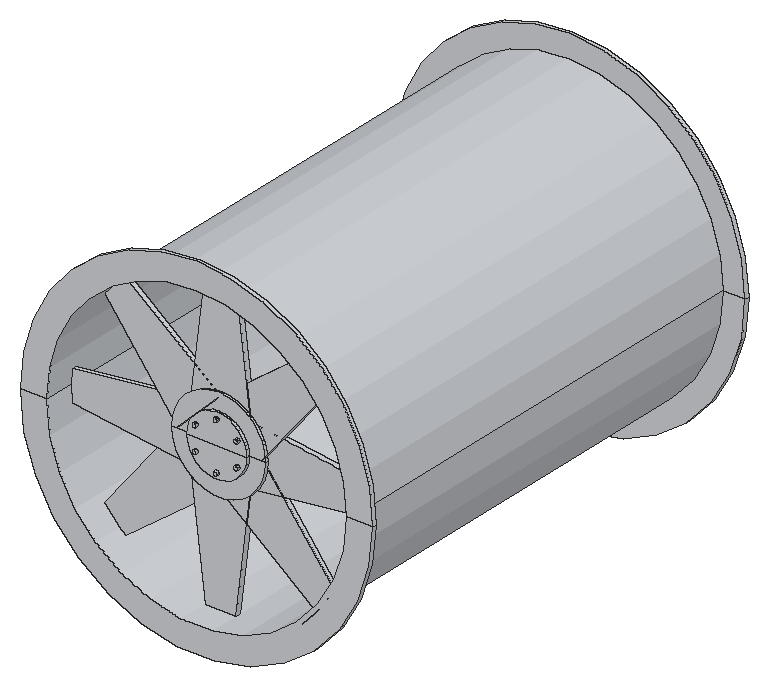
Revit family "CADS_Vent-Axia_MechEquip_Fan_BIFA_400_1Ph2P - SUPPLY", category Mechanical Equipment, Revit 2020
Family settings
  Round Connector Dimension = Use Diameter
  Part Type = Normal
  OmniClass Number = 23.75.00.00
  OmniClass Title = Climate Control (HVAC)
  Work Plane-Based = No
  Always vertical = Yes
  Cut with Voids When Loaded = No
  Shared = No
  Room Calculation Point = No
Parameters (values of type "BIFA401232")
  WorkingPressure = 0.0 Pa
  WarrantyStartDate [instance] = "1900-12-31T23:59:59"
  WarrantyPeriod = ""
  WarrantyIdentifier = "N/A"
  WarrantyGuarantorParts = "tech@vent-axia.com"
  WarrantyGuarantorLabor = "tech@vent-axia.com"
  WarrantyGuarantor = "Vent-Axia Limited"
  WarrantyEndDate [instance] = "1900-12-31T23:59:59"
  WarrantyContent = ""
  TemperatureRange = ""
  TagNumber [instance] = "N/A"
  SustainabilityPerformance = ""
  Status = "New"
  Size = ""
  Shape = ""
  ServiceLifeType = ""
  ServiceLifeDuration = ""
  SerialNumber [instance] = "N/A"
  ReplacementCost = ""
  RatedVoltage = 0 V
  RatedCurrent = 0 A
  Quantity = 1
  ProductionYear = ""
  PressureCurve = ""
  PowerFactor = ""
  PointOfContact = ""
  NumberOfPoles = 0
  NominalWidth = 400 mm
  NominalLength = 625 mm
  NominalHeight = 400 mm
  NominalFrequencyRange = ""
  NominalDiameter = 400 mm
  ModelReference = "BIF 400MM 1PH 2P 32DEG"
  ModelNumber = "BIFA401232"
  Material = ""
  ManufacturerE-Mail = "tech@vent-axia.com"
  ManufacturerAddress = "Fleming Way\nCrawley \nRH10 9YX"
  IsExtendedWarranty = no
  InsulationStandardClass = ""
  InstallationDate [instance] = "1900-12-31T23:59:59"
  IfcExportType [instance] = ""
  IfcExportAs = "IfcFanType"
  IP_Code = ""
  HasProtectiveEarth = no
  GrossWeight = 0.00 kg
  Grade = ""
  GlobalTradeItemNumber [instance] = "N/A"
  Fitting Type = "Ignore"
  Finish = ""
  Features = ""
  ExteriorInsulation = no
  ExpectedServiceLife = 0
  Exclusions = ""
  DurationUnit = "Year"
  Default Elevation = 0 mm
  Constituents = ""
  ConductorFunction = ""
  Color = ""
  CodePerformance = ""
  Category = ""
  CADS_Usage = 0
  CADS_Index = 0
  AssetType = "FIXED"
  AssetIdentifier [instance] = "N/A"
  AssemblyPlace = "UNKNOWN"
  ArticleNumber [instance] = "N/A"
  AirflowRateRange = 0.0 L/s
  Air Flow [instance] = 0.0 L/s
  AccessibilityPerformance = ""
Types (11, lengths in mm): name | ModelReference | ModelNumber
  BIFA401210 | "BIF 400MM 1PH 2P 10DEG" | "BIFA401210"
  BIFA401212 | "BIF 400MM 1PH 2P 12DEG" | "BIFA401212"
  BIFA401214 | "BIF 400MM 1PH 2P 14DEG" | "BIFA401214"
  BIFA401216 | "BIF 400MM 1PH 2P 16DEG" | "BIFA401216"
  BIFA401218 | "BIF 400MM 1PH 2P 18DEG" | "BIFA401218"
  BIFA401220 | "BIF 400MM 1PH 2P 20DEG" | "BIFA401220"
  BIFA401224 | "BIF 400MM 1PH 2P 24DEG" | "BIFA401224"
  BIFA401226 | "BIF 400MM 1PH 2P 26DEG" | "BIFA401226"
  BIFA401228 | "BIF 400MM 1PH 2P 28DEG" | "BIFA401228"
  BIFA401230 | "BIF 400MM 1PH 2P 30DEG" | "BIFA401230"
  BIFA401232 | "BIF 400MM 1PH 2P 32DEG" | "BIFA401232"
Reference planes
  plane 1 "Center (Front/Back)": y = 0
  plane 2: z = 0
  plane 3 "Center (Left/Right)": x = 0
  plane 4: x = -200
  plane 5: x = 200
  plane 6 "F": y = -312.5
  plane 7 "B": y = 312.5
  plane 8: x = -235
  plane 9: y = 307.5
  plane 10: y = -307.5
  plane 11: x = -205
  plane 12: y = -272.5
Forms (mm)
  Revolve 1, solid
    sketch origin (0, 0, 0) x (1, 0, 0) y (0, 1, 0)
      loop
        line (-235, -312.5) -> (-200, -312.5) -> (-200, 312.5) -> (-235, 312.5) -> (-235, 307.5) -> (-205, 307.5) -> (-205, -307.5) -> (-235, -307.5) -> (-235, -312.5)
      axis (0, 312.5) -> (0, -312.5)
    angle from 0 to 360
Dimensions and locks
  equal spacing: plane 4, plane 3 "Center (Left/Right)", plane 5
  equal spacing: plane 7 "B", plane 1 "Center (Front/Back)", plane 6 "F"
  "NominalLength": plane 7 "B" to plane 6 "F"
  "NominalDiameter": plane 4 to plane 5
  locked: plane 11 to plane 4 at 5
  locked: plane 8 to plane 11 at 30
  locked: plane 6 "F" to plane 10 at 5
  locked: plane 7 "B" to plane 9 at 5
  locked: plane 6 "F" to plane 12 at 40
  aligned and locked: level to plane 2
  aligned and locked: nested 1 to plane 12
Automatic sketch dimensions
  plane 6 "F" to Revolve 1 sketch curve = 0 mm
  Revolve 1 sketch curve to plane 8 = 0 mm  (x2)
  plane 10 to Revolve 1 sketch curve = 0 mm
  Revolve 1 sketch curve to plane 11 = 0 mm
  Revolve 1 sketch curve to plane 4 = 0 mm
  Revolve 1 sketch curve to plane 3 "Center (Left/Right)" = 0 mm
  plane 1 "Center (Front/Back)" to Revolve 1 sketch curve = 0 mm
  Revolve 1 sketch curve to plane 9 = 0 mm
  Revolve 1 sketch curve to plane 7 "B" = 0 mm
  plane 6 "F" to Revolve 1 sketch curve = 115 mm
Nested families
  nested 1: "Fan for BIFA" at (0, -272.5, 0), ND <- "NominalDiameter", type "Fan for BIFA"
    with hub 40 mm, ND 400 mm, BoltPCD 32 mm, Bolt Count 6, B_Diam 5 mm
  nested 2: "Bolts" at (27.713, -281.672, -16) x (-0.5, 0, -0.866) z (0, 1, 0), type "Bolts"
    with bd 5 mm
  nested 3: "Bolts" at (0, -281.672, -32) x (-1, 0, 0) z (0, 1, 0), type "Bolts"
    with bd 5 mm
  nested 4: "Bolts" at (-27.713, -281.672, -16) x (-0.5, 0, 0.866) z (0, 1, 0), type "Bolts"
    with bd 5 mm
  nested 5: "Bolts" at (-27.713, -281.672, 16) x (0.5, 0, 0.866) z (0, 1, 0), type "Bolts"
    with bd 5 mm
  nested 6: "Bolts" at (27.713, -281.672, 16) x (0.5, 0, -0.866) z (0, 1, 0), type "Bolts"
    with bd 5 mm
  nested 7: "Bolts" at (0, -281.672, 32) x (1, 0, 0) z (0, 1, 0), type "Bolts"
    with bd 5 mm
  nested 8: "BIFA Blade" at (0, -272.5, 0), type "BIFA Blade"
    with a 20.00°, HR 40 mm, HD 80 mm, BT 40 mm, BR 160 mm, BH 40 mm, BD 400 mm, BB 80 mm
  nested 9: "BIFA Blade" at (0, -272.5, 0) x (0.7071, 0, -0.7071) z (0.7071, 0, 0.7071), type "BIFA Blade"
    with a 20.00°, HR 40 mm, HD 80 mm, BT 40 mm, BR 160 mm, BH 40 mm, BD 400 mm, BB 80 mm
  nested 10: "BIFA Blade" at (0, -272.5, 0) x (0, 0, -1) z (1, 0, 0), type "BIFA Blade"
    with a 20.00°, HR 40 mm, HD 80 mm, BT 40 mm, BR 160 mm, BH 40 mm, BD 400 mm, BB 80 mm
  nested 11: "BIFA Blade" at (0, -272.5, 0) x (-0.7071, 0, -0.7071) z (0.7071, 0, -0.7071), type "BIFA Blade"
    with a 20.00°, HR 40 mm, HD 80 mm, BT 40 mm, BR 160 mm, BH 40 mm, BD 400 mm, BB 80 mm
  nested 12: "BIFA Blade" at (0, -272.5, 0) x (-1, 0, 0) z (0, 0, -1), type "BIFA Blade"
    with a 20.00°, HR 40 mm, HD 80 mm, BT 40 mm, BR 160 mm, BH 40 mm, BD 400 mm, BB 80 mm
  nested 13: "BIFA Blade" at (0, -272.5, 0) x (-0.7071, 0, -0.7071) z (-0.7071, 0, 0.7071), type "BIFA Blade"
    with a 20.00°, HR 40 mm, HD 80 mm, BT 40 mm, BR 160 mm, BH 40 mm, BD 400 mm, BB 80 mm
  nested 14: "BIFA Blade" at (0, -272.5, 0) x (0, 0, -1) z (-1, 0, 0), type "BIFA Blade"
    with a 20.00°, HR 40 mm, HD 80 mm, BT 40 mm, BR 160 mm, BH 40 mm, BD 400 mm, BB 80 mm
  nested 15: "BIFA Blade" at (0, -272.5, 0) x (0.7071, 0, -0.7071) z (-0.7071, 0, -0.7071), type "BIFA Blade"
    with a 20.00°, HR 40 mm, HD 80 mm, BT 40 mm, BR 160 mm, BH 40 mm, BD 400 mm, BB 80 mm
Connectors
  hvac at (0, -312.5, 0), driven by "NominalDiameter", driven by "Air Flow"
    settings: on Revolve 1, index 1, duct flow 0.0 L/s, flow factor 0, pres drop 0.0 Pa, loss coef 0, conn angle 0.00°, conn width 304.8 mm, conn height 304.8 mm, conn diameter 400 mm, duct sys type 1, conn prof type 0, flow config 1, flow direction 1, loss method 0, conn ref index -1, conn util no, is conn primary yes, conn desc ""
  hvac at (0, 312.5, 0), driven by "NominalDiameter", driven by "Air Flow"
    settings: on Revolve 1, index 2, duct flow 0.0 L/s, flow factor 0, pres drop 0.0 Pa, loss coef 0, conn angle 0.00°, conn width 304.8 mm, conn height 304.8 mm, conn diameter 400 mm, duct sys type 1, conn prof type 0, flow config 0, flow direction 2, loss method 0, conn ref index -1, conn util no, is conn primary no, conn desc ""
Definition of nested family "Fan for BIFA"
  Parameters (values of type "Fan for BIFA")
    hub [instance] = ND / 10  # 50 mm
    ND [instance] = 500 mm
    Model = "."
    Default Elevation = 0 mm
    BoltPCD [instance] = hub - (hub * 0.2)  # 40 mm
    Bolt Count [instance] = if(hub < 50 mm, 6, 8)  # 8
    B_Diam [instance] = if(hub < 50 mm, 5 mm, 10 mm)  # 10 mm
  Reference planes
    plane 1 "Center (Front/Back)": y = 0
    plane 2: z = 0
    plane 3 "Center (Left/Right)": x = 0
    plane 4 "back": y = 20
    plane 5 "bolts": y = -9.172
    plane 6 "B": z = 50
    plane 7: x = -72.587
    plane 8: x = -50
    plane 9 "hubface": y = -6.172
  Forms (mm)
    Revolve 1, solid
      sketch origin (0, 0, 0) x (1, 0, 0) y (0, 1, 0)
        loop
          line (0, 20) -> (-50, 20) -> (-50, 10.504) -> (-72.587, 10.504) -> (-72.587, -2.597) -> (-50, -2.597) -> (-50, -6.172) -> (0, -6.172) -> (0, 20)
        axis (0, 20) -> (0, -6.172)
      angle from 0 to 360
    Extrusion 2, solid, not visible
      sketch origin (0, -6.347, -4) x (-1, 0, 0) y (0, 0, 1)
        loop
          circle (0, 84) r 5
      from 0 to 3
  Lines and regions (mm)
    symbolic lines
      curve 1: circle (0, -9.172, 0) r 40 normal (0, 1, 0)
    model lines, not visible
      curve 2: line (0, -6.347, 85) -> (0, -6.347, 75)
  Dimensions and locks
    "hub": plane 6 "B" to plane 2
    "hub": nested 3 to plane 3 "Center (Left/Right)"
    "hub": nested 4 to plane 3 "Center (Left/Right)"
    "hub": nested 5 to plane 3 "Center (Left/Right)"
    "hub": plane 3 "Center (Left/Right)" to nested 6
    "hub": Revolve 1 sketch curve to Revolve 1 sketch curve
    "hub": plane 3 "Center (Left/Right)" to nested 7
    "hub": plane 3 "Center (Left/Right)" to nested 8
    "hub": plane 3 "Center (Left/Right)" to nested 9
    "hub": plane 8 to plane 3 "Center (Left/Right)"
    plane 7 to plane 8 = 22.587 mm
    diameter of Extrusion 2 sketch curve = 10 mm
    "BoltPCD": radius of curve 1
    "BoltPCD": radius of radial array
    aligned and locked: level to plane 2
    aligned and locked: plane 6 "B" to nested 1
  Automatic sketch dimensions
    Revolve 1 sketch curve to plane 7 = 0 mm
    Revolve 1 sketch curve to plane 8 = 0 mm  (x2)
    Revolve 1 sketch curve to plane 3 "Center (Left/Right)" = 0 mm
    Revolve 1 sketch curve to plane 9 "hubface" = 0 mm
    plane 4 "back" to Revolve 1 sketch curve = 0 mm
    plane 1 "Center (Front/Back)" to Revolve 1 sketch curve = 2.597 mm
    plane 4 "back" to Revolve 1 sketch curve = 9.496 mm
    plane 4 "back" to Revolve 1 sketch curve = 5 mm
    Revolve 1 sketch curve to Revolve 1 sketch curve = 45 mm
    curve 1 to level = 0 mm
    curve 1 to plane 3 "Center (Left/Right)" = 0 mm
  Nested families
    nested 1: "BIFA Blade" at (0, 0, 25), BD <- "ND", HD <- "hub", type "BIFA Blade"
      with a 20.00°, HR 25 mm, HD 50 mm, BT 25 mm, BR 100 mm, BH 40 mm, BD 250 mm, BB 50 mm
    nested 2: "BIFA Blade" at (0, 0, 55), BD <- "ND", HD <- "hub", type "BIFA Blade", not visible
      with a 20.00°, HR 25 mm, HD 50 mm, BT 25 mm, BR 100 mm, BH 40 mm, BD 250 mm, BB 50 mm
    nested 3: "BIFA Blade" at (17.678, 0, 17.678) x (0.7071, 0, -0.7071) z (0.7071, 0, 0.7071), BD <- "ND", HD <- "hub", type "BIFA Blade"
      with a 20.00°, HR 25 mm, HD 50 mm, BT 25 mm, BR 100 mm, BH 40 mm, BD 250 mm, BB 50 mm
    nested 4: "BIFA Blade" at (25, 0, 0) x (0, 0, -1) z (1, 0, 0), BD <- "ND", HD <- "hub", type "BIFA Blade"
      with a 20.00°, HR 25 mm, HD 50 mm, BT 25 mm, BR 100 mm, BH 40 mm, BD 250 mm, BB 50 mm
    nested 5: "BIFA Blade" at (17.678, 0, -17.678) x (-0.7071, 0, -0.7071) z (0.7071, 0, -0.7071), BD <- "ND", HD <- "hub", type "BIFA Blade"
      with a 20.00°, HR 25 mm, HD 50 mm, BT 25 mm, BR 100 mm, BH 40 mm, BD 250 mm, BB 50 mm
    nested 6: "BIFA Blade" at (0, 0, -25) x (-1, 0, 0) z (0, 0, -1), BD <- "ND", HD <- "hub", type "BIFA Blade"
      with a 20.00°, HR 25 mm, HD 50 mm, BT 25 mm, BR 100 mm, BH 40 mm, BD 250 mm, BB 50 mm
    nested 7: "BIFA Blade" at (-17.678, 0, 17.678) x (-0.7071, 0, -0.7071) z (-0.7071, 0, 0.7071), BD <- "ND", HD <- "hub", type "BIFA Blade"
      with a 20.00°, HR 25 mm, HD 50 mm, BT 25 mm, BR 100 mm, BH 40 mm, BD 250 mm, BB 50 mm
    nested 8: "BIFA Blade" at (-25, 0, 0) x (0, 0, -1) z (-1, 0, 0), BD <- "ND", HD <- "hub", type "BIFA Blade"
      with a 20.00°, HR 25 mm, HD 50 mm, BT 25 mm, BR 100 mm, BH 40 mm, BD 250 mm, BB 50 mm
    nested 9: "BIFA Blade" at (-17.678, 0, -17.678) x (0.7071, 0, -0.7071) z (-0.7071, 0, -0.7071), BD <- "ND", HD <- "hub", type "BIFA Blade"
      with a 20.00°, HR 25 mm, HD 50 mm, BT 25 mm, BR 100 mm, BH 40 mm, BD 250 mm, BB 50 mm
    nested 10: "Bolts" at (0, -9.172, 40) x (1, 0, 0) z (0, 1, 0), bd <- "B_Diam", type "Bolts"
      with bd 10 mm
    nested 11: "Bolts" at (28.284, -9.172, 28.284) x (0.7071, 0, -0.7071) z (0, 1, 0), bd <- "B_Diam", type "Bolts"
      with bd 10 mm
    nested 12: "Bolts" at (-28.284, -9.172, 28.284) x (0.7071, 0, 0.7071) z (0, 1, 0), bd <- "B_Diam", type "Bolts"
      with bd 10 mm
    nested 13: "Bolts" at (-40, -9.172, 0) x (0, 0, 1) z (0, 1, 0), bd <- "B_Diam", type "Bolts"
      with bd 10 mm
    nested 14: "Bolts" at (-28.284, -9.172, -28.284) x (-0.7071, 0, 0.7071) z (0, 1, 0), bd <- "B_Diam", type "Bolts"
      with bd 10 mm
    nested 15: "Bolts" at (0, -9.172, -40) x (-1, 0, 0) z (0, 1, 0), bd <- "B_Diam", type "Bolts"
      with bd 10 mm
    nested 16: "Bolts" at (28.284, -9.172, -28.284) x (-0.7071, 0, -0.7071) z (0, 1, 0), bd <- "B_Diam", type "Bolts"
      with bd 10 mm
    nested 17: "Bolts" at (40, -9.172, 0) x (0, 0, -1) z (0, 1, 0), bd <- "B_Diam", type "Bolts"
      with bd 10 mm
  Definition of nested family "BIFA Blade"
    Parameters (values of type "BIFA Blade")
      a [instance] = 20.00°
      HR [instance] = HD / 2  # 30 mm
      HD [instance] = BD / 5  # 60 mm
      Default Elevation = 1219.2 mm
      BT [instance] = BD / 10  # 30 mm
      BR [instance] = (BD / 2) - HR  # 120 mm
      BH [instance] = 40 mm
      BD [instance] = 300 mm
      BB [instance] = BD / 5  # 60 mm
    Reference planes
      plane 1 "Center (Front/Back)": y = 0
      plane 2: z = 0
      plane 3 "Center (Left/Right)": x = 0
      plane 4 "Blade Bot": z = 30
      plane 5: x = -30
      plane 6: x = 30
      plane 7: x = -15
      plane 8: x = 15
    Forms (mm)
      Blend 1, solid
        base sketch origin (0, 0, 30) x (-1, 0, 0) y (0, -1, 0)
          loop
            line (30, 0) -> (-30, 0) -> (-30, -6) -> (30, -6) -> (30, 0)
        top sketch origin (0, 0, 30) x (-1, 0, 0) y (0, -1, 0)
          loop
            line (15, -6) -> (15, 0) -> (-15, 0) -> (-15, -6) -> (15, -6)
        from 0 to 120 <- "BR"
    Dimensions and locks
      "HR": plane 4 "Blade Bot" to level
      equal spacing: plane 8, plane 3 "Center (Left/Right)", plane 7
      "BT": plane 8 to plane 7
      equal spacing: plane 6, plane 3 "Center (Left/Right)", plane 5
      "BB": plane 6 to plane 5
      aligned and locked: level to plane 2
    Automatic sketch dimensions
      plane 1 "Center (Front/Back)" to Blend 1 sketch curve = 0 mm  (x2)
      Blend 1 sketch curve to plane 6 = 0 mm
      Blend 1 sketch curve to plane 5 = 0 mm
      Blend 1 sketch curve to plane 1 "Center (Front/Back)" = 6 mm  (x2)
      Blend 1 sketch curve to plane 8 = 0 mm
      Blend 1 sketch curve to plane 7 = 0 mm
  Definition of nested family "Bolts"
    Parameters
      bd [instance] = 10 mm
      Default Elevation = 1219.2 mm
    Reference planes
      plane 1 "Center (Front/Back)": y = 0
      plane 2: z = 0
      plane 3 "Center (Left/Right)": x = 0
    Forms (mm)
      Extrusion 1, solid
        sketch origin (0, 0, 0) x (1, 0, 0) y (0, 1, 0)
          loop
            line (-1219.2, 1219.2) -> (-1219.2, -1219.2) -> (1219.2, -1219.2) -> (1219.2, 1219.2) -> (-1219.2, 1219.2)
        from 0 to -304.8
      Extrusion 2, solid
        sketch origin (0, 0, 0) x (1, 0, 0) y (0, 1, 0)
          loop
            circle (0, 0) r 5
        from 0 to 3
    Dimensions and locks
      "bd": diameter of Extrusion 2 sketch curve
      aligned and locked: plane 2 to Extrusion 1
      aligned and locked: level to Extrusion 1
    Automatic sketch dimensions
      Extrusion 1 sketch curve to Extrusion 1 sketch curve = 2438.4 mm  (x2)
      plane 1 "Center (Front/Back)" to Extrusion 2 sketch curve = 0 mm
      Extrusion 2 sketch curve to plane 3 "Center (Left/Right)" = 0 mm
Definition of nested family "Bolts"
  Parameters
    bd [instance] = 10 mm
    Default Elevation = 1219.2 mm
  Reference planes
    plane 1 "Center (Front/Back)": y = 0
    plane 2: z = 0
    plane 3 "Center (Left/Right)": x = 0
  Forms (mm)
    Extrusion 1, solid
      sketch origin (0, 0, 0) x (1, 0, 0) y (0, 1, 0)
        loop
          line (-1219.2, 1219.2) -> (-1219.2, -1219.2) -> (1219.2, -1219.2) -> (1219.2, 1219.2) -> (-1219.2, 1219.2)
      from 0 to -304.8
    Extrusion 2, solid
      sketch origin (0, 0, 0) x (1, 0, 0) y (0, 1, 0)
        loop
          circle (0, 0) r 5
      from 0 to 3
  Dimensions and locks
    "bd": diameter of Extrusion 2 sketch curve
    aligned and locked: plane 2 to Extrusion 1
    aligned and locked: level to Extrusion 1
  Automatic sketch dimensions
    Extrusion 1 sketch curve to Extrusion 1 sketch curve = 2438.4 mm  (x2)
    plane 1 "Center (Front/Back)" to Extrusion 2 sketch curve = 0 mm
    Extrusion 2 sketch curve to plane 3 "Center (Left/Right)" = 0 mm
Definition of nested family "BIFA Blade"
  Parameters (values of type "BIFA Blade")
    a [instance] = 20.00°
    HR [instance] = HD / 2  # 30 mm
    HD [instance] = BD / 5  # 60 mm
    Default Elevation = 1219.2 mm
    BT [instance] = BD / 10  # 30 mm
    BR [instance] = (BD / 2) - HR  # 120 mm
    BH [instance] = 40 mm
    BD [instance] = 300 mm
    BB [instance] = BD / 5  # 60 mm
  Reference planes
    plane 1 "Center (Front/Back)": y = 0
    plane 2: z = 0
    plane 3 "Center (Left/Right)": x = 0
    plane 4 "Blade Bot": z = 30
    plane 5: x = -30
    plane 6: x = 30
    plane 7: x = -15
    plane 8: x = 15
  Forms (mm)
    Blend 1, solid
      base sketch origin (0, 0, 30) x (-1, 0, 0) y (0, -1, 0)
        loop
          line (30, 0) -> (-30, 0) -> (-30, -6) -> (30, -6) -> (30, 0)
      top sketch origin (0, 0, 30) x (-1, 0, 0) y (0, -1, 0)
        loop
          line (15, -6) -> (15, 0) -> (-15, 0) -> (-15, -6) -> (15, -6)
      from 0 to 120 <- "BR"
  Dimensions and locks
    "HR": plane 4 "Blade Bot" to level
    equal spacing: plane 8, plane 3 "Center (Left/Right)", plane 7
    "BT": plane 8 to plane 7
    equal spacing: plane 6, plane 3 "Center (Left/Right)", plane 5
    "BB": plane 6 to plane 5
    aligned and locked: level to plane 2
  Automatic sketch dimensions
    plane 1 "Center (Front/Back)" to Blend 1 sketch curve = 0 mm  (x2)
    Blend 1 sketch curve to plane 6 = 0 mm
    Blend 1 sketch curve to plane 5 = 0 mm
    Blend 1 sketch curve to plane 1 "Center (Front/Back)" = 6 mm  (x2)
    Blend 1 sketch curve to plane 8 = 0 mm
    Blend 1 sketch curve to plane 7 = 0 mm
